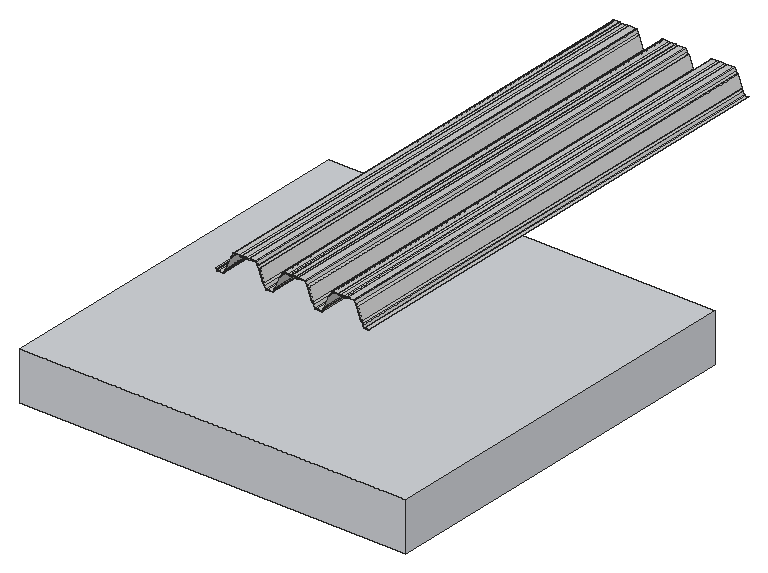
Revit family "Trapézový plech CB 135_310", category Obecné modely, Revit 2016 (continued)
Forms (mm)
  Sweep 6, solid, material "Pozink" <- "F1 barva", visible <- "Negativní"
    profile "CB 135_310_neg_F1 : CB 135_310_neg_F1" origin (0, 1500, 0) x (-1, 0, 0) y (0, 0, 1)
      loop
        arc (906.364, 134.05) -> (908.56, 136.914) -> (912.003, 138) r 6
        line (912.003, 138) -> (930, 138) -> (947.997, 138)
        arc (947.997, 138) -> (951.44, 136.914) -> (953.636, 134.05) r 6
        line (953.636, 134.05) -> (954.219, 132.449)
        arc (954.219, 132.449) -> (954.479, 131.877) -> (954.826, 131.353) r 4
        line (954.826, 131.353) -> (958.743, 126.339)
Cuts and joins
  Extrusion 3 cuts Sweep 2
  Extrusion 3 cuts Sweep 4
  Extrusion 3 cuts Sweep 5
  Extrusion 3 cuts Sweep 6
Dimensions and locks
  "Délka": Sweep 2 sketch curve to Sweep 2 sketch curve
  "Šířka prvku - ořezání": plane 5 "oříznutí" to plane 3 "Střed (vlevo/vpravo)"
  "Délka": Sweep 4 sketch curve to Sweep 4 sketch curve
  "Délka": Sweep 5 sketch curve to Sweep 5 sketch curve
  "Délka": Sweep 6 sketch curve to Sweep 6 sketch curve
  plane 3 "Střed (vlevo/vpravo)" to plane 7 = 930 mm
  aligned and locked: plane 2 to Extrusion 1
  aligned and locked: level to Extrusion 1
  aligned and locked: Extrusion 3 to plane 5 "oříznutí"
  aligned and locked: Extrusion 3 to plane 6
  aligned and locked: Extrusion 3 to Sweep 2  (x2)
  aligned and locked: Extrusion 3 to plane 8
Automatic sketch dimensions
  Extrusion 1 sketch curve to Extrusion 1 sketch curve = 2438.4 mm  (x2)
  Extrusion 3 sketch curve to plane 6 = 0 mm
  Extrusion 3 sketch curve to plane 5 "oříznutí" = 0 mm
  Extrusion 3 sketch curve to level = 0 mm
  Extrusion 3 sketch curve to Extrusion 3 sketch curve = 139 mm
  Sweep 2 sketch curve to plane 3 "Střed (vlevo/vpravo)" = 0 mm
  plane 1 "Střed (vpředu/vzadu)" to Sweep 2 sketch curve = 0 mm
  Sweep 4 sketch curve to plane 3 "Střed (vlevo/vpravo)" = 0 mm
  plane 1 "Střed (vpředu/vzadu)" to Sweep 4 sketch curve = 0 mm
  Sweep 5 sketch curve to plane 3 "Střed (vlevo/vpravo)" = 0 mm
  plane 1 "Střed (vpředu/vzadu)" to Sweep 5 sketch curve = 0 mm
  Sweep 6 sketch curve to plane 3 "Střed (vlevo/vpravo)" = 0 mm
  plane 1 "Střed (vpředu/vzadu)" to Sweep 6 sketch curve = 0 mm
